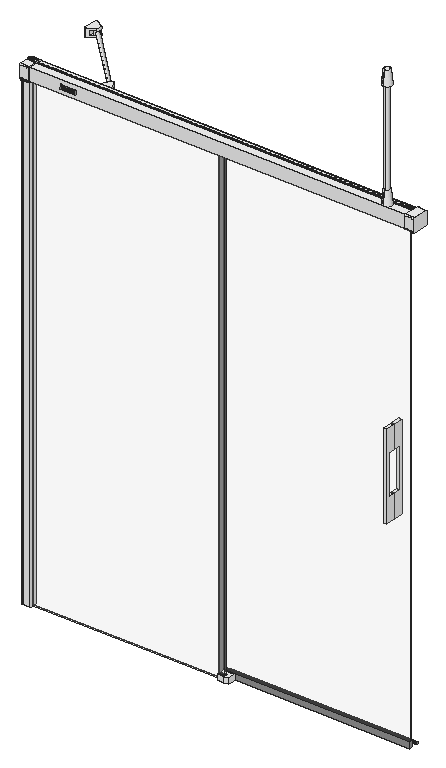
Revit family "Sanitary_Shower-screens_Duscholux_DuschoGredel_DuschoEryx _Separator-slider-door-bath", category Plumbing Fixtures, Revit 2017
Family settings
  Round Connector Dimension = Use Diameter
  Part Type = Normal
  OmniClass Number = 23.45.00.00
  OmniClass Title = Sanitary, Laundry, and Cleaning Equipment
  Work Plane-Based = No
  Always vertical = Yes
  Cut with Voids When Loaded = No
  Shared = No
  Room Calculation Point = No
Parameters (values of type "White Aluminium Finish")
  Visibility Vertical support = if(Min Max Width > 1200 mm, 1 < 2, 1 > 2)  # yes
  Vertical Support Lenght = 400 mm
  Uniclass 2015 Description = "Shower Enclosures"
  Uniclass 2015 Code = "PR-40-20-06-79"
  URL = "http://www.duscholux.es/"
  UNSPSC Code = "30181507"
  Thickness Safety Glass Sliding = 5 mm  # constant formula
  Text logo visibility = yes
  Wall Support lenght = sqrt(D1 ^ 2 + D1 ^ 2)  # 299.955 mm
  Technical Inspection Certificate (Applus) = "http://www.duscholux.es/resources/custom/var/APPLUS_en.pdf"
  Serie = "Duscho Gredel"
  Region South America = "Consult"
  Region Oceania = "Consult"
  Region North America = "Consult"
  Region Middle East = "Consult"
  Region Europe = "AD, ES, FR, PT"
  Region Asia = "Consult"
  Region Antartica = "Consult"
  Region Africa = "Consult"
  Ref. = "6OI / 6OD"
  Products = "http://www.duscholux.es/mamparas_filtro.aspx?es"
  Product group = "Slider door (Separator for Bath)"
  Product family = "Duscho Gredel"
  Optional = "Towel rail / Shelf"
  Opening System Image = "http://blob.duscholux.es/pluma512/SBIzq1f1pcorredera.gif"
  Opening System = "Sliding"
  Opening Percentage = 0
  Net Weight (Kg) = 40.7
  NBS Reference Description = "Shower Enclosures"
  NBS Reference Code = "45-35-70"
  Model = "DuschoEryx"
  Manufacturer name = "Duscholux Ibérica, S.A."
  Manufacturer country = "Spain"
  Maintenance and Cleaning = "http://www.duscholux.es/mamparas_limpieza.aspx?en"
  Logo visibility = yes
  Image = "http://www.duscholux.es/resources/custom/img/mamparas/DUSCHO%20GREDEL/modelos/1F1PSBC/mampara_h.jpg"
  IFC Classification = "Furnishing Element"
  Manufacturer = "Duscholux Ibérica, S.A."
  Handle Material = White Finish
  Glass in Building UNE EN 12150 = "CE Conformity marking"
  Glass Material = Glass Material Duscholux
  Frame Material = White Finish
  Thickness Safety Glass Fixed Panel = 8 mm  # constant formula
  Fact Sheet = "http://blob.duscholux.es/enpdf2018/Eryx1F1PSB.pdf"
  Environmental Management ISO 14001 = "ECOEMBES Certificate"
  Edition number = "1"
  Design country = "Spain / Germany"
  Description = "1 fixed + slider door for a recess (Bath)"
  Date of publishing = ""
  D1 = 212.1 mm
  Configuration enclosure = "http://configuratumampara.duscholux.es/eCatalogo.aspx"
  Components = "European components"
  Brand = "Duscholux"
  Bath Height = 400 mm
  Assembly Code = "C1030200"
  Certified Quality UNE EN 14428 = "http://www.duscholux.es/duscholux_downloads.aspx?es"
  COBIe Type Category = ""
  Opening Door = ((Min Max Width / 2) - 150 mm) * Opening Percentage / 100  # 0 mm
  Sliding Door Width = (Min Max Width / 2) - 42 mm + 14 mm  # 622 mm
  Min Max Width = if(Width < 680 mm, 680 mm, if(Width > 1800 mm, 1800 mm, Width))  # 1300 mm
  Width = 1300 mm
  Handle Height = (Max Height / 2) + Bath Height  # 1200 mm
  Max Height = if(Height > 1600 mm, 1600 mm, Height)  # 1600 mm
  Height = 1600 mm
  Accesories Material = White Finish
Types (5, lengths in mm): name | Visibility Vertical support | Vertical Support Lenght | Wall Support lenght | Handle Material | Frame Material | D1 | Bath Height | Sliding Door Width | Min Max Width | Width | Handle Height | Height | Accesories Material
  (no name) | yes | 400 | 299.955 | White Finish | White Finish | 212.1 | 400 | 622 | 1300 | 1300 | 1200 | 1600 | White Finish
  Silver Matt Aluminium Finish | no | 600 | 353.553 | Chrome Finish | Silver Matt Finish | 250 | 450 | 472 | 1000 | 1000 | 1250 | 1800 | Chrome Finish
  Platinum Aluminium Finish | no | 600 | 353.553 | Chrome Finish | Platinium Aluminium Finish | 250 | 400 | 372 | 800 | 800 | 1200 | 1800 | Silver Matt Finish
  White Aluminium Finish | yes | 400 | 299.955 | White Finish | White Finish | 212.1 | 400 | 622 | 1300 | 1300 | 1200 | 1600 | White Finish
  Black Aluminium Finish | no | 600 | 353.553 | Chrome Finish | Black Aluminium Finish | 250 | 400 | 472 | 1000 | 1000 | 1200 | 1800 | Chrome Finish
Reference planes
  plane 1 "Centro (Frontal/Posterior)": y = 0
  plane 2: z = 0
  plane 3 "Centro (Izquierda/Derecha)": x = 0
  plane 4: x = 655.5
  plane 5: y = 23.489
  plane 6: y = 4
  plane 7: y = -4
  plane 8: z = 2000
  plane 9: z = 1959.85
  plane 10: z = 1957.85
  plane 11: x = 1291.5
  plane 12: x = -8.5
  plane 13: x = 18
  plane 14: z = 1200
  plane 15: x = 641.5
  plane 16: x = 1263.5
  plane 17: x = 1289.5
  plane 18: z = 1980
  plane 19: x = 1249.5
  plane 20: z = 400
  plane 21: z = 401.9
  plane 22: z = 403.2
  plane 23: x = 627.5
  plane 24: x = 1189.5
Forms (mm)
  Extrusion 1, solid, material "Glass Material Duscholux" <- "Glass Material"
    sketch origin (500, 0, 0) x (1, 0, 0) y (0, 1, 0)
      loop
        line (-500, 4) -> (-500, -4) -> (155.5, -4) -> (155.5, 4) -> (-500, 4)
    from 401.9 to 1985
  Extrusion 2, solid, material "Glass Material Duscholux" <- "Glass Material"
    sketch origin (-52.901, 0, 0) x (1, 0, 0) y (0, 1, 0)
      loop
        line (680.401, 25.989) -> (680.401, 20.989) -> (1302.401, 20.989) -> (1302.401, 25.989) -> (680.401, 25.989)
    from 403.2 to 1985
  Extrusion 3, solid, material "White Finish" <- "Accesories Material"
    sketch origin (15, 0, 0) x (1, 0, 0) y (0, 1, 0)
      loop
        line (655.5, 30.989) -> (620.5, 30.989) -> (620.5, -8.011) -> (642.5, -8.011) -> (655.5, -4.011) -> (655.5, 30.989)
    from 400 to 418
  Extrusion 4, void
    sketch origin (15, 0, 0) x (1, 0, 0) y (0, 1, 0)
      loop
        line (620.5, 27.32) -> (620.5, 19.755) -> (655.5, 19.755) -> (655.5, 27.32) -> (620.5, 27.32)
    from 401.9 to 418
  Extrusion 5, void
    sketch origin (15, -100, 0) x (1, 0, 0) y (0, 1, 0)
      loop
        line (640.5, 104) -> (620.5, 104) -> (620.5, 96) -> (640.5, 96) -> (640.5, 104)
    from 401.9 to 418
  Extrusion 6, solid, material "White Finish" <- "Frame Material"
    sketch origin (0, 0, 0) x (1, 0, 0) y (0, 1, 0)
      loop
        line (18, 14.7) -> (-8.5, 14.7) -> (-8.5, -10.5) -> (18, -10.5) -> (18, -4.3) -> (7.35, -4.3) -> (7.35, -9) -> (-7, -9) -> (-7, 0) -> (-7, 13.2) -> (7.35, 13.2) -> (7.35, 4.3) -> (18, 4.3) -> (18, 14.7)
    from 400 to 1959.85
  Extrusion 7, solid, material "White Finish" <- "Frame Material"
    sketch origin (0, 0, 0) x (0, 1, 0) y (0, 0, 1)
      loop
        line (-16, 2000) -> (-16, 1959.85) -> (-6.5, 1959.85) -> (-6.5, 1994) -> (0, 1994) -> (6.5, 1994) -> (6.5, 1959.85) -> (18.5, 1959.85) -> (18.5, 1963.85) -> (9.5, 1963.85) -> (9.5, 1995.261) -> (23.519, 1995.261) -> (23.519, 1998.011) -> (31.069, 1998.011) -> (31.069, 1961.861) -> (29.669, 1961.861) -> (29.669, 1959.861) -> (33.069, 1959.861) -> (33.069, 1997.011)
        arc (33.069, 1997.011) -> (32.191, 1999.132) -> (30.069, 2000.011) r 3
        line (30.069, 2000.011) -> (21.519, 2000.011) -> (21.519, 1997.261) -> (12.519, 1997.261) -> (12.519, 2000) -> (-16, 2000)
      loop
        line (-9.5, 1991.05) -> (-13, 1991.05) -> (-13, 1963.85) -> (-9.5, 1963.85) -> (-9.5, 1991.05)
    from -8.5 to 1289.5
  Extrusion 8, solid, material "White Finish" <- "Accesories Material"
    sketch origin (0, 0, 0) x (0, 1, 0) y (0, 0, 1)
      loop
        arc (-15, 2002.011) -> (-17.121, 2001.132) -> (-18, 1999.011) r 3
        line (-18, 1999.011) -> (-18, 1961.188)
        arc (-18, 1961.188) -> (-16.882, 1958.721) -> (-14.289, 1957.935) r 3.281
        line (-14.289, 1957.935) -> (-14.288, 1953.858) -> (-10.5, 1953.858) -> (-10.5, 1959.85) -> (-16, 1959.85) -> (-16, 2000) -> (30.191, 2000)
        arc (30.191, 2000) -> (32.266, 1999.117) -> (33.069, 1997.011) r 2.881
        line (33.069, 1997.011) -> (33.069, 1959.861) -> (14.7, 1959.861) -> (14.7, 1953.858) -> (18.5, 1953.858) -> (18.5, 1957.85) -> (32.069, 1957.85)
        arc (32.069, 1957.85) -> (34.191, 1958.729) -> (35.069, 1960.85) r 3
        line (35.069, 1960.85) -> (35.069, 1997.011)
        arc (35.069, 1997.011) -> (33.605, 2000.546) -> (30.069, 2002.011) r 5
        line (30.069, 2002.011) -> (21.49, 2002.011)
        arc (21.49, 2002.011) -> (20.786, 2004.401) -> (18.52, 2005.435) r 3
        line (18.52, 2005.435) -> (12.519, 2005.435) -> (12.519, 2002.011) -> (-15, 2002.011)
    from -8.5 to 19.5
  Extrusion 9, solid, material "White Finish" <- "Accesories Material"
    sketch origin (0, -100, 0) x (0, 1, 0) y (0, 0, 1)
      loop
        arc (85, 2002.011) -> (82.879, 2001.132) -> (82, 1999.011) r 3
        line (82, 1999.011) -> (82, 1960.85)
        arc (82, 1960.85) -> (82.879, 1958.729) -> (85, 1957.85) r 3
        line (85, 1957.85) -> (132.069, 1957.85)
        arc (132.069, 1957.85) -> (134.191, 1958.729) -> (135.069, 1960.85) r 3
        line (135.069, 1960.85) -> (135.069, 1999.011)
        arc (135.069, 1999.011) -> (134.191, 2001.132) -> (132.069, 2002.011) r 3
        line (132.069, 2002.011) -> (85, 2002.011)
    from 1263.5 to 1291.5
  Extrusion 10, void
    sketch origin (0, -100, 0) x (0, 1, 0) y (0, 0, 1)
      loop
        line (84, 2000) -> (84, 1959.85) -> (133.069, 1959.85) -> (133.069, 2000) -> (84, 2000)
    from 1263.5 to 1289.5
  Extrusion 11, solid, material "Plástico, transparente", detail levels fine
    sketch origin (5.945, 0, 0) x (1, 0, 0) y (0, 1, 0)
      loop
        line (626.555, 26.267) -> (626.555, 27.32) -> (620.255, 27.32) -> (620.255, 19.707) -> (623.455, 19.707) -> (623.455, 5.807) -> (624.555, 5.807) -> (624.555, 20.807) -> (621.555, 20.807) -> (621.555, 26.267) -> (626.555, 26.267)
    from 401.9 to 1985
  Extrusion 12, solid, material "Plástico, transparente"
    sketch origin (0, -17.936, 0) x (0, 1, 0) y (0, 0, 1)
      loop
        line (38.675, 420.1) -> (37.691, 420.1) -> (37.691, 401.9) -> (45.256, 401.9) -> (45.256, 415.613)
        arc (45.256, 415.613) -> (45.694, 416.244) -> (46.401, 416.545) r 1.386
        line (46.401, 416.545) -> (65.925, 407.078) -> (65.925, 402.513)
        arc (65.925, 402.513) -> (66.675, 402.177) -> (67.425, 402.513) r 1.005
        line (67.425, 402.513) -> (67.425, 408.078) -> (44.657, 419.979)
        arc (44.657, 419.979) -> (44.104, 419.92) -> (43.948, 419.386) r 0.5
        line (43.948, 419.386) -> (44.175, 418.099) -> (44.175, 403.2) -> (38.675, 403.2) -> (38.675, 420.1)
    from 632.5 to 1249.5
  Extrusion 13, void
    sketch origin (0, 0, 0) x (0, 1, 0) y (0, 0, 1)
      loop
        line (30.989, 418) -> (27.32, 418) -> (27.32, 417.11) -> (30.989, 415.321) -> (30.989, 418)
    from 635.5 to 670.5
Cuts and joins
  Extrusion 4, Extrusion 5, Extrusion 13 cuts Extrusion 3
  Extrusion 5 cuts Extrusion 1
Lines and regions (mm)
  reference lines
    curve 1: line (0, 14.7, 1953.858) -> (0, 18.5, 1953.858)
    curve 2: line (0, 14.7, 1953.858) -> (0, 18.5, 1953.858)
Dimensions and locks
  equal spacing: plane 6, plane 1 "Centro (Frontal/Posterior)", plane 7
  "Thickness Safety Glass Fixed Panel": plane 6 to plane 7
  locked: plane 8 to cut or joined group of Extrusion 1, Extrusion 5 at 15  (x2)
  locked: plane 8 to plane 9 at 40.15
  locked: Extrusion 8 to Extrusion 8 at 28
  plane 10 to plane 9 = 2 mm
  locked: plane 9 to plane 10 at 2
  locked: plane 12 to plane 3 "Centro (Izquierda/Derecha)" at 8.5
  "Handle Height": plane 14 to level
  equal spacing: plane 12, plane 15, plane 11
  locked: cut or joined group of Extrusion 3, Extrusion 4, Extrusion 5, Extrusion 13 to plane 4 at 20
  plane 15 to plane 4 = 14 mm
  locked: plane 15 to plane 4 at 14
  locked: plane 16 to plane 11 at 28
  locked: plane 17 to plane 11 at 2
  locked: plane 18 to plane 8 at 20
  locked: Extrusion 11 to Extrusion 11 at 6.3
  locked: Extrusion 11 to Extrusion 11 at 1.3
  locked: plane 15 to cut or joined group of Extrusion 3, Extrusion 4, Extrusion 5, Extrusion 13 at 29
  locked: cut or joined group of Extrusion 3, Extrusion 4, Extrusion 5, Extrusion 13 to plane 15 at 6
  locked: plane 19 to plane 17 at 40
  locked: plane 12 to nested 2 at 157
  "Bath Height": plane 20 to plane 2
  locked: plane 21 to plane 20 at 1.9
  locked: plane 22 to plane 20 at 3.2
  locked: cut or joined group of Extrusion 3, Extrusion 4, Extrusion 5, Extrusion 13 to plane 20 at 18
  "Max Height": plane 8 to plane 20
  "Min Max Width": plane 12 to plane 11
  "Sliding Door Width": Extrusion 2 to Extrusion 2
  locked: plane 23 to plane 15 at 14
  "Opening Door": Extrusion 2 to plane 19
  locked: plane 24 to plane 19 at 60
  aligned and locked: level to plane 2
  aligned and locked: plane 4 to Extrusion 1
  aligned and locked: Extrusion 4 sketch curve to Extrusion 3
  aligned and locked: cut or joined group of Extrusion 3, Extrusion 4, Extrusion 5, Extrusion 13 to Extrusion 5 sketch curve
  aligned and locked: cut or joined group of Extrusion 3, Extrusion 4, Extrusion 5, Extrusion 13 to Extrusion 4  (x2)
  aligned and locked: plane 6 to cut or joined group of Extrusion 1, Extrusion 5
  aligned and locked: plane 7 to cut or joined group of Extrusion 1, Extrusion 5
  aligned and locked: cut or joined group of Extrusion 3, Extrusion 4, Extrusion 5, Extrusion 13 to cut or joined group of Extrusion 1, Extrusion 5
  aligned and locked: cut or joined group of Extrusion 1, Extrusion 5 to cut or joined group of Extrusion 3, Extrusion 4, Extrusion 5, Extrusion 13  (x2)
  aligned and locked: Extrusion 7 sketch curve to plane 8
  aligned and locked: Extrusion 7 sketch curve to Extrusion 7 sketch curve
  aligned and locked: Extrusion 7 to Extrusion 6
  aligned and locked: Extrusion 7 to plane 9
  aligned and locked: plane 9 to Extrusion 6
  aligned and locked: Extrusion 8 to Extrusion 7
  aligned and locked: Extrusion 6 to plane 12
  aligned and locked: cut or joined group of Extrusion 1, Extrusion 5 to plane 3 "Centro (Izquierda/Derecha)"
  aligned and locked: plane 17 to Extrusion 7
  aligned and locked: Extrusion 9 to plane 16
  aligned and locked: plane 11 to Extrusion 9
  aligned and locked: Extrusion 10 sketch curve to plane 8
  aligned and locked: plane 9 to Extrusion 10 sketch curve
  aligned and locked: plane 17 to Extrusion 10
  aligned and locked: Extrusion 10 to plane 16
  aligned and locked: cut or joined group of Extrusion 1, Extrusion 5 to Extrusion 11
  aligned and locked: nested 1 to plane 18
  aligned and locked: nested 1 to plane 12
  aligned and locked: nested 2 to plane 18
  aligned and locked: nested 3 to plane 1 "Centro (Frontal/Posterior)"
  aligned and locked: Extrusion 6 to plane 20
  aligned and locked: cut or joined group of Extrusion 1, Extrusion 5 to plane 21
  aligned and locked: cut or joined group of Extrusion 3, Extrusion 4, Extrusion 5, Extrusion 13 to plane 20
  aligned and locked: Extrusion 2 to plane 22
  aligned and locked: Extrusion 2 to Extrusion 12
  aligned and locked: Extrusion 11 to Extrusion 12
  aligned and locked: Extrusion 12 to Extrusion 11
  aligned and locked: Extrusion 13 to cut or joined group of Extrusion 3, Extrusion 4, Extrusion 5, Extrusion 13
  aligned and locked: cut or joined group of Extrusion 3, Extrusion 4, Extrusion 5, Extrusion 13 to Extrusion 13
  aligned and locked: Extrusion 2 to cut or joined group of Extrusion 1, Extrusion 5
  aligned and locked: Extrusion 12 to Extrusion 2
  aligned and locked: Extrusion 12 to cut or joined group of Extrusion 3, Extrusion 4, Extrusion 5, Extrusion 13
  aligned and locked: cut or joined group of Extrusion 3, Extrusion 4, Extrusion 5, Extrusion 13 to Extrusion 5
  aligned and locked: Extrusion 11 to Extrusion 2
  aligned and locked: nested 4 to plane 24
  aligned and locked: plane 14 to nested 4
  aligned and locked: plane 14 to nested 5
  aligned and locked: plane 24 to nested 5
  aligned and locked: plane 24 to nested 3
Automatic sketch dimensions
  plane 10 to curve 2 = 3.992 mm
  plane 5 to curve 2 = 8.789 mm
  curve 1 to curve 2 = 3.8 mm
  Extrusion 1 sketch curve to plane 3 "Centro (Izquierda/Derecha)" = 0 mm
  Extrusion 1 sketch curve to plane 4 = 0 mm
  plane 7 to Extrusion 1 sketch curve = 0 mm
  Extrusion 1 sketch curve to plane 6 = 0 mm
  Extrusion 2 sketch curve to plane 16 = 14 mm
  plane 5 to Extrusion 2 sketch curve = 2.5 mm
  Extrusion 2 sketch curve to plane 5 = 2.5 mm
  Extrusion 3 sketch curve to plane 15 = 6 mm
  plane 4 to Extrusion 3 sketch curve = 2 mm
  plane 7 to Extrusion 3 sketch curve = 0.011 mm
  Extrusion 3 sketch curve to Extrusion 3 sketch curve = 13 mm
  plane 7 to Extrusion 3 sketch curve = 4.011 mm
  Extrusion 3 sketch curve to plane 5 = 7.5 mm
  plane 5 to Extrusion 4 sketch curve = 3.734 mm
  plane 4 to Extrusion 4 sketch curve = 15 mm
  Extrusion 4 sketch curve to plane 5 = 3.831 mm
  Extrusion 5 sketch curve to plane 4 = 0 mm
  plane 7 to Extrusion 5 sketch curve = 0 mm
  Extrusion 5 sketch curve to plane 6 = 0 mm
  Extrusion 6 sketch curve to plane 12 = 0 mm
  plane 1 "Centro (Frontal/Posterior)" to Extrusion 6 sketch curve = 0 mm
  Extrusion 6 sketch curve to plane 13 = 0 mm  (x2)
  plane 12 to Extrusion 6 sketch curve = 1.5 mm
  plane 3 "Centro (Izquierda/Derecha)" to Extrusion 6 sketch curve = 7.35 mm  (x2)
  plane 6 to Extrusion 6 sketch curve = 0.3 mm
  plane 7 to Extrusion 6 sketch curve = 0.3 mm
  plane 7 to Extrusion 6 sketch curve = 5 mm
  Extrusion 6 sketch curve to Extrusion 6 sketch curve = 1.5 mm
  plane 6 to Extrusion 6 sketch curve = 9.2 mm
  plane 5 to Extrusion 6 sketch curve = 8.789 mm
  Extrusion 7 sketch curve to plane 9 = 0 mm  (x2)
  Extrusion 7 sketch curve to plane 1 "Centro (Frontal/Posterior)" = 0 mm
  plane 7 to Extrusion 7 sketch curve = 2.5 mm
  Extrusion 7 sketch curve to Extrusion 7 sketch curve = 3 mm  (x3)
  Extrusion 7 sketch curve to Extrusion 7 sketch curve = 3.5 mm
  plane 6 to Extrusion 7 sketch curve = 2.5 mm
  Extrusion 7 sketch curve to Extrusion 7 sketch curve = 3.019 mm
  plane 5 to Extrusion 7 sketch curve = 4.989 mm
  plane 8 to Extrusion 7 sketch curve = 0.011 mm
  plane 5 to Extrusion 7 sketch curve = 1.969 mm
  Extrusion 7 sketch curve to plane 5 = 0.031 mm
  plane 9 to Extrusion 7 sketch curve = 0.011 mm
  Extrusion 7 sketch curve to plane 5 = 6.181 mm
  Extrusion 7 sketch curve to plane 5 = 6.581 mm
  Extrusion 7 sketch curve to Extrusion 7 sketch curve = 1 mm  (x2)
  Extrusion 7 sketch curve to Extrusion 7 sketch curve = 2 mm
  plane 9 to Extrusion 7 sketch curve = 2.011 mm
  plane 9 to Extrusion 7 sketch curve = 4 mm
  Extrusion 7 sketch curve to plane 8 = 8.95 mm
  Extrusion 7 sketch curve to Extrusion 7 sketch curve = 2.95 mm
  Extrusion 7 sketch curve to plane 8 = 4.739 mm
  Extrusion 7 sketch curve to plane 8 = 2.739 mm
  Extrusion 8 sketch curve to plane 9 = 0 mm
  Extrusion 8 sketch curve to plane 8 = 0 mm
  plane 10 to Extrusion 8 sketch curve = 0 mm
  plane 9 to Extrusion 8 sketch curve = 1.338 mm
  plane 7 to Extrusion 8 sketch curve = 14 mm
  Extrusion 8 sketch curve to Extrusion 8 sketch curve = 2 mm
  Extrusion 8 sketch curve to Extrusion 8 sketch curve = 1 mm  (x2)
  Extrusion 8 sketch curve to Extrusion 8 sketch curve = 1.281 mm
  Extrusion 8 sketch curve to plane 10 = 0.085 mm
  plane 10 to Extrusion 8 sketch curve = 3.992 mm  (x2)
  Extrusion 8 sketch curve to Extrusion 8 sketch curve = 0.001 mm
  Extrusion 8 sketch curve to Extrusion 8 sketch curve = 3.789 mm
  plane 8 to Extrusion 8 sketch curve = 2.011 mm  (x2)
  plane 6 to Extrusion 8 sketch curve = 8.519 mm
  plane 5 to Extrusion 8 sketch curve = 8.789 mm
  Extrusion 8 sketch curve to Extrusion 8 sketch curve = 3.8 mm
  plane 8 to Extrusion 8 sketch curve = 2.435 mm
  plane 5 to Extrusion 8 sketch curve = 4.969 mm
  plane 5 to Extrusion 8 sketch curve = 1.999 mm
  Extrusion 8 sketch curve to plane 5 = 6.581 mm
  Extrusion 8 sketch curve to Extrusion 8 sketch curve = 0.121 mm
  Extrusion 8 sketch curve to plane 5 = 8.581 mm
  plane 9 to Extrusion 8 sketch curve = 0.011 mm
  plane 9 to Extrusion 8 sketch curve = 1 mm
  Extrusion 8 sketch curve to Extrusion 8 sketch curve = 0 mm
  plane 10 to Extrusion 9 sketch curve = 0 mm
  plane 9 to Extrusion 9 sketch curve = 1 mm  (x2)
  plane 7 to Extrusion 9 sketch curve = 14 mm
  Extrusion 9 sketch curve to plane 8 = 0.989 mm
  Extrusion 9 sketch curve to Extrusion 9 sketch curve = 3 mm
  Extrusion 9 sketch curve to plane 5 = 8.581 mm  (x2)
  plane 7 to Extrusion 10 sketch curve = 12 mm
  Extrusion 10 sketch curve to plane 5 = 9.581 mm
  Extrusion 11 sketch curve to Extrusion 11 sketch curve = 1.1 mm  (x2)
  plane 5 to Extrusion 11 sketch curve = 17.681 mm
  plane 5 to Extrusion 11 sketch curve = 3.781 mm
  Extrusion 11 sketch curve to Extrusion 11 sketch curve = 5.46 mm
  Extrusion 11 sketch curve to Extrusion 11 sketch curve = 1.053 mm
  Extrusion 11 sketch curve to Extrusion 11 sketch curve = 1.9 mm
  Extrusion 11 sketch curve to Extrusion 11 sketch curve = 1.3 mm
  Extrusion 2 sketch curve to plane 15 = 14 mm
  Extrusion 11 sketch curve to plane 15 = 15.3 mm
  Extrusion 11 sketch curve to Extrusion 11 sketch curve = 5 mm
  Extrusion 12 sketch curve to plane 21 = 0 mm
  plane 22 to Extrusion 12 sketch curve = 0 mm
  plane 5 to Extrusion 12 sketch curve = 3.734 mm
  Extrusion 12 sketch curve to Extrusion 12 sketch curve = 0.984 mm
  Extrusion 12 sketch curve to Extrusion 12 sketch curve = 5.5 mm
  Extrusion 12 sketch curve to Extrusion 12 sketch curve = 0.25 mm
  Extrusion 12 sketch curve to Extrusion 12 sketch curve = 0.232 mm
  Extrusion 12 sketch curve to Extrusion 12 sketch curve = 1.081 mm
  Extrusion 12 sketch curve to Extrusion 12 sketch curve = 1.144 mm
  Extrusion 12 sketch curve to Extrusion 12 sketch curve = 0.169 mm
  plane 21 to Extrusion 12 sketch curve = 0.613 mm  (x2)
  Extrusion 12 sketch curve to Extrusion 12 sketch curve = 20.669 mm
  Extrusion 12 sketch curve to plane 22 = 0.019 mm
  Extrusion 12 sketch curve to Extrusion 12 sketch curve = 0.75 mm
  plane 22 to Extrusion 12 sketch curve = 3.878 mm
  plane 22 to Extrusion 12 sketch curve = 11.969 mm
  Extrusion 12 sketch curve to Extrusion 12 sketch curve = 0.444 mm
  Extrusion 12 sketch curve to Extrusion 12 sketch curve = 2.991 mm
  Extrusion 12 sketch curve to Extrusion 12 sketch curve = 0.443 mm
  Extrusion 12 sketch curve to Extrusion 12 sketch curve = 0.564 mm
  Extrusion 12 sketch curve to Extrusion 12 sketch curve = 0.477 mm
  plane 22 to Extrusion 12 sketch curve = 4.878 mm
  Extrusion 12 sketch curve to Extrusion 12 sketch curve = 1.287 mm
  Extrusion 13 sketch curve to plane 5 = 7.5 mm
  plane 22 to Extrusion 13 sketch curve = 12.121 mm
  Extrusion 13 sketch curve to Extrusion 13 sketch curve = 2.679 mm
  Extrusion 13 sketch curve to Extrusion 13 sketch curve = 3.669 mm
  Extrusion 13 sketch curve to Extrusion 13 sketch curve = 0.89 mm
Nested families
  nested 1: "Wall-Support" at (228.6, 33.069, 1980) x (-1, 0, 0) z (0, 1, 0), type "Wall-Support"
    with Longitud 299.955 mm, D1 212.1 mm
  nested 2: "LOGO" at (148.5, -16, 1980) x (1, 0, 0) z (0, -1, 0), type "LOGO"
  nested 3: "Vertical-Support" at (1189.5, 0, 2000) x (0, 1, 0) z (0, 0, 1), type "Vertical-Support"
    with Long 400 mm
  nested 4: "Handle-Gredel" at (1189.5, 20.989, 1200) x (-1, 0, 0) z (0, -1, 0), type "Handle-Gredel"
  nested 5: "Handle-Gredel" at (1189.5, 25.989, 1200) x (1, 0, 0) z (0, 1, 0), type "Handle-Gredel"
Definition of nested family "Wall-Support"
  Parameters (values of type "soporte 3300-3301-3303")
    Material Accesorios = none
    Longitud = sqrt(D1 ^ 2 + D1 ^ 2)  # 354.968 mm
    Default Elevation = 1219.2 mm
    D1 = 251 mm
    Angulo soporte = 45.00°
  Reference planes
    plane 1 "Centro (Frontal/Posterior)": y = 0
    plane 2: z = 0
    plane 3 "Centro (Izquierda/Derecha)": x = 0
    plane 4: x = -780
    plane 5: through (279.307, -4572, 304.307) normal (0.7071, 0, -0.7071)
    plane 6: z = 276
    plane 7: through (3.536, -4572, 21.464) normal (-0.7071, 0, -0.7071)
    plane 8: x = 208.013
    plane 9: through (254.536, -4572, 272.464) normal (0.7071, 0, 0.7071)
    plane 10: x = 251
    plane 11: z = 25
    plane 12: x = 276
  Forms (mm)
    Extrusion 1, solid
      sketch origin (0, 0, 0) x (1, 0, 0) y (0, 1, 0)
        loop
          line (-1219.2, 1219.2) -> (-1219.2, -1219.2) -> (1219.2, -1219.2) -> (1219.2, 1219.2) -> (-1219.2, 1219.2)
      from 0 to -304.8
    Extrusion 2, solid, material <- "Material Accesorios"
      sketch origin (0, 0, -47.012) x (1, 0, 0) y (0, 0, 1)
        loop
          line (-8.828, 76.709) -> (-22.5, 51.012) -> (-22.5, 47.012) -> (22.5, 47.012) -> (22.5, 51.012) -> (8.828, 76.709)
          arc (8.828, 76.709) -> (0, 82.012) -> (-8.828, 76.709) r 10
      from -14 to 14
    Extrusion 3, void
      sketch origin (0, 0, 0) x (1, 0, 0) y (0, 0, 1)
        loop
          line (-17.712, 13) -> (17.712, 13) -> (8.828, 29.697)
          arc (8.828, 29.697) -> (0, 35) -> (-8.828, 29.697) r 10
          line (-8.828, 29.697) -> (-17.712, 13)
      from -8 to 8
    Extrusion 4, solid, material <- "Material Accesorios"
      sketch origin (0, 0, 0) x (1, 0, 0) y (0, 0, 1)
        loop
          circle (0, 25) r 9.033
      from -8 to 8
    Extrusion 5, solid, material <- "Material Accesorios"
      sketch origin (-51.548, 0, 76.548) x (0.707107, 0, -0.707107) y (0, 1, 0)
        loop
          circle (72.899, 0) r 5
      from 0 to 354.968
    Extrusion 6, solid, not visible
      sketch origin (857.012, 0, 804.987) x (0, 0, 1) y (-1, 0, 0)
        loop
          line (-8.828, 76.709) -> (-22.5, 51.012) -> (-22.5, 47.012) -> (22.5, 47.012) -> (22.5, 51.012) -> (8.828, 76.709)
          arc (8.828, 76.709) -> (0, 82.012) -> (-8.828, 76.709) r 10
      from -14 to 14
    Extrusion 7, void, not visible
      sketch origin (810, 0, 804.987) x (0, 0, 1) y (-1, 0, 0)
        loop
          line (-17.712, 13) -> (17.712, 13) -> (8.828, 29.697)
          arc (8.828, 29.697) -> (0, 35) -> (-8.828, 29.697) r 10
          line (-8.828, 29.697) -> (-17.712, 13)
      from -8 to 8
    Extrusion 8, solid, not visible
      sketch origin (5, 0, 0) x (1, 0, 0) y (0, 0, 1)
        loop
          circle (780, 804.987) r 9.039
      from -8 to 8
    Extrusion 9, solid, material <- "Material Accesorios", not visible
      sketch origin (-215, 0, -47.012) x (1, 0, 0) y (0, 0, 1)
        loop
          line (-8.828, 76.709) -> (-22.5, 51.012) -> (-22.5, 47.012) -> (22.5, 47.012) -> (22.5, 51.012) -> (8.828, 76.709)
          arc (8.828, 76.709) -> (0, 82.012) -> (-8.828, 76.709) r 10
      from -14 to 14
    Extrusion 10, void, not visible
      sketch origin (-215, 0, 0) x (1, 0, 0) y (0, 0, 1)
        loop
          line (-17.712, 13) -> (17.712, 13) -> (8.828, 29.697)
          arc (8.828, 29.697) -> (0, 35) -> (-8.828, 29.697) r 10
          line (-8.828, 29.697) -> (-17.712, 13)
      from -8 to 8
    Extrusion 11, solid, material <- "Material Accesorios", not visible
      sketch origin (-215, 0, 0) x (1, 0, 0) y (0, 0, 1)
        loop
          circle (0, 25) r 9.033
      from -8 to 8
    Extrusion 12, solid, material <- "Material Accesorios"
      sketch origin (282.012, 0, 235) x (0, 0, -1) y (1, 0, 0)
        loop
          arc (-49.828, -35.709) -> (-41, -41.012) -> (-32.172, -35.709) r 10
          line (-32.172, -35.709) -> (-18.5, -10.012) -> (-18.5, -6.012) -> (-63.5, -6.012) -> (-63.5, -10.012) -> (-49.828, -35.709)
      from -14 to 14
    Extrusion 13, void
      sketch origin (235, 0, 235) x (0, 0, -1) y (1, 0, 0)
        loop
          line (-58.712, 28) -> (-49.828, 11.303)
          arc (-49.828, 11.303) -> (-41, 6) -> (-32.172, 11.303) r 10
          line (-32.172, 11.303) -> (-23.288, 28) -> (-58.712, 28)
      from -8 to 8
    Extrusion 14, solid, material <- "Material Accesorios"
      sketch origin (0, 0, 0) x (1, 0, 0) y (0, 0, 1)
        loop
          circle (251, 276) r 9.035
      from -8 to 8
  Cuts and joins
    Extrusion 3 cuts Extrusion 2
    joined: Extrusion 2, Extrusion 4
    Extrusion 13 cuts Extrusion 12
    joined: Extrusion 5, Extrusion 14
  Dimensions and locks
    plane 4 to plane 3 "Centro (Izquierda/Derecha)" = 780 mm
    "Longitud": plane 7 to plane 9
    "D1": plane 10 to plane 3 "Centro (Izquierda/Derecha)"
    "D1": plane 6 to plane 11
    locked: plane 11 to Extrusion 1 at 25
    locked: plane 12 to plane 10 at 25
    locked: cut or joined group of Extrusion 12, Extrusion 13 to plane 10 at 12
    aligned and locked: plane 2 to Extrusion 1
    aligned and locked: level to Extrusion 1
    aligned and locked: cut or joined group of Extrusion 2, Extrusion 3, Extrusion 4 to Extrusion 1  (x2)
    aligned and locked: plane 9 to Extrusion 5
    aligned and locked: plane 12 to cut or joined group of Extrusion 12, Extrusion 13
    aligned and locked: cut or joined group of Extrusion 12, Extrusion 13 to Extrusion 14  (x2)
  Automatic sketch dimensions
    Extrusion 2 sketch curve to Extrusion 2 sketch curve = 4 mm  (x2)
    Extrusion 2 sketch curve to Extrusion 2 sketch curve = 13.672 mm  (x2)
    Extrusion 2 sketch curve to Extrusion 2 sketch curve = 8.828 mm  (x2)
    Extrusion 2 sketch curve to Extrusion 2 sketch curve = 21 mm
    Extrusion 2 sketch curve to Extrusion 2 sketch curve = 4.697 mm
    Extrusion 3 sketch curve to Extrusion 3 sketch curve = 8.883 mm  (x2)
    Extrusion 3 sketch curve to Extrusion 3 sketch curve = 8.828 mm  (x2)
    Extrusion 3 sketch curve to Extrusion 3 sketch curve = 12 mm
    Extrusion 3 sketch curve to Extrusion 3 sketch curve = 4.697 mm
    Extrusion 9 sketch curve to Extrusion 9 sketch curve = 4 mm  (x2)
    Extrusion 9 sketch curve to Extrusion 9 sketch curve = 13.672 mm  (x2)
    Extrusion 9 sketch curve to Extrusion 9 sketch curve = 8.828 mm  (x2)
    Extrusion 9 sketch curve to Extrusion 9 sketch curve = 21 mm
    Extrusion 9 sketch curve to Extrusion 9 sketch curve = 4.697 mm
    Extrusion 10 sketch curve to Extrusion 10 sketch curve = 8.883 mm  (x2)
    Extrusion 10 sketch curve to Extrusion 10 sketch curve = 8.828 mm  (x2)
    Extrusion 10 sketch curve to Extrusion 10 sketch curve = 12 mm
    Extrusion 10 sketch curve to Extrusion 10 sketch curve = 4.697 mm
    Extrusion 1 sketch curve to Extrusion 1 sketch curve = 2438.4 mm  (x2)
    plane 1 "Centro (Frontal/Posterior)" to Extrusion 5 sketch curve = 0 mm
    Extrusion 5 sketch curve to plane 5 = 0 mm
    plane 6 to Extrusion 12 sketch curve = 22.5 mm
    Extrusion 12 sketch curve to Extrusion 12 sketch curve = 13.672 mm  (x2)
    Extrusion 12 sketch curve to Extrusion 12 sketch curve = 8.828 mm  (x2)
    Extrusion 12 sketch curve to Extrusion 12 sketch curve = 4 mm  (x2)
    Extrusion 12 sketch curve to Extrusion 12 sketch curve = 21 mm
    Extrusion 12 sketch curve to Extrusion 12 sketch curve = 4.697 mm
    plane 6 to Extrusion 13 sketch curve = 17.712 mm
    Extrusion 13 sketch curve to Extrusion 13 sketch curve = 8.883 mm  (x2)
    Extrusion 13 sketch curve to Extrusion 13 sketch curve = 8.828 mm  (x2)
    Extrusion 13 sketch curve to Extrusion 13 sketch curve = 12 mm
    Extrusion 13 sketch curve to Extrusion 13 sketch curve = 4.697 mm
    Extrusion 12 sketch curve to plane 10 = 25 mm
    Extrusion 13 sketch curve to plane 10 = 12 mm
    Extrusion 14 sketch curve to plane 5 = 0 mm
    Extrusion 14 sketch curve to plane 6 = 0 mm
    radius of Extrusion 4 sketch curve = 9.033 mm
    radius of Extrusion 11 sketch curve = 9.033 mm
    radius of Extrusion 5 sketch curve = 5 mm
    radius of Extrusion 14 sketch curve = 9.035 mm
Definition of nested family "LOGO"
  Parameters (values of type "LOGO")
    logo visibility = yes
    Text visibility = yes
    Default Elevation = 1219.2 mm
  Reference planes
    plane 1 "Center (Front/Back)": y = 0
    plane 2: z = 0
    plane 3 "Center (Left/Right)": x = 0
  Forms (mm)
    Extrusion 1, solid
      sketch origin (0, 0, 0) x (1, 0, 0) y (0, 1, 0)
        loop
          line (-1219.2, 1219.2) -> (-1219.2, -1219.2) -> (1219.2, -1219.2) -> (1219.2, 1219.2) -> (-1219.2, 1219.2)
      from 0 to -304.8
    Blend 2, solid, visible <- "logo visibility"
      base sketch origin (-30.49, -3.692, 0) x (1, 0, 0) y (0, 1, 0)
        loop
          line (6.49, 11.264) -> (3.006, -3.88) -> (54.49, -3.88) -> (54.49, 11.264) -> (6.49, 11.264)
      top sketch origin (-30.49, -3.692, 0) x (1, 0, 0) y (0, 1, 0)
        loop
          line (7.286, 10.264) -> (4.263, -2.88) -> (53.49, -2.88) -> (53.49, 10.264) -> (7.286, 10.264)
      from 0 to 2
    Extrusion 3, solid, visible <- "Text visibility"
      sketch origin (-30.49, -3.692, 0) x (1, 0, 0) y (0, 1, 0)
        loop
          line (15.152, 7.116) -> (10.723, 7.116) -> (10.476, 6.041) -> (14.179, 6.041) -> (12.696, -0.409) -> (11.829, -0.409) -> (13.101, 5.12) -> (11.604, 5.12) -> (10.085, -1.484) -> (13.23, -1.484) -> (14.106, -0.786) -> (15.75, 6.364) -> (15.152, 7.116)
        loop
          line (16.173, 5.12) -> (14.828, -0.732) -> (15.426, -1.484) -> (17.802, -1.484) -> (18.675, -0.788) -> (20.034, 5.12) -> (18.537, 5.12) -> (17.33, -0.127) -> (16.464, -0.127) -> (17.67, 5.12) -> (16.173, 5.12)
        loop
          line (19.998, 1.879) -> (20.596, 1.127) -> (22.11, 1.127) -> (21.756, -0.409) -> (19.472, -0.409) -> (19.224, -1.484) -> (22.354, -1.484) -> (23.152, -0.849) -> (23.716, 1.603) -> (23.118, 2.355) -> (21.604, 2.355) -> (21.993, 4.045) -> (24.278, 4.045) -> (24.525, 5.12) -> (21.395, 5.12) -> (20.597, 4.484) -> (19.998, 1.879)
        loop
          line (25.886, 5.12) -> (25.088, 4.484) -> (23.888, -0.732) -> (24.487, -1.484) -> (26.958, -1.484) -> (27.714, -0.881) -> (28.07, 0.666) -> (26.573, 0.666) -> (26.367, -0.23) -> (25.501, -0.23) -> (26.443, 3.866) -> (27.309, 3.866) -> (27.103, 2.97) -> (28.6, 2.97) -> (28.922, 4.368) -> (28.323, 5.12) -> (25.886, 5.12)
        loop
          line (29.804, 5.12) -> (28.285, -1.484) -> (29.782, -1.484) -> (30.382, 1.127) -> (31.249, 1.127) -> (30.649, -1.484) -> (32.146, -1.484) -> (33.664, 5.12) -> (32.167, 5.12) -> (31.496, 2.202) -> (30.63, 2.202) -> (31.301, 5.12) -> (29.804, 5.12)
        loop
          arc (35.087, 5.12) -> (34.592, 5.023) -> (34.261, 4.643) r 0.775
          line (34.261, 4.643) -> (33.025, -0.732)
          arc (33.025, -0.732) -> (33.245, -1.264) -> (33.777, -1.484) r 0.752
          line (33.777, -1.484) -> (35.898, -1.484)
          arc (35.898, -1.484) -> (36.432, -1.374) -> (36.742, -0.927) r 0.733
          line (36.742, -0.927) -> (37.96, 4.368)
          arc (37.96, 4.368) -> (37.842, 4.888) -> (37.362, 5.12) r 0.614
          line (37.362, 5.12) -> (35.087, 5.12)
        loop
          line (35.521, -0.23) -> (36.463, 3.866) -> (35.464, 3.866) -> (34.522, -0.23) -> (35.521, -0.23)
        loop
          line (39.299, 7.116) -> (37.321, -1.484) -> (50.066, -1.484) -> (49.529, -0.409) -> (38.95, -0.409) -> (40.681, 7.116) -> (39.299, 7.116)
        loop
          line (47.907, 2.834) -> (50.065, 5.12) -> (48.606, 5.12) -> (47.402, 3.844) -> (46.764, 5.12) -> (45.305, 5.12) -> (46.448, 2.834) -> (44.039, 0.282) -> (45.497, 0.282) -> (46.953, 1.824) -> (47.724, 0.282) -> (49.183, 0.282) -> (47.907, 2.834)
        loop
          line (43.232, 5.12) -> (42.354, 1.305) -> (41.51, 1.305) -> (42.387, 5.12) -> (40.928, 5.12) -> (39.988, 1.034) -> (40.587, 0.282) -> (42.855, 0.282) -> (43.74, 0.987) -> (44.69, 5.12) -> (43.232, 5.12)
        loop
          circle (48.393, 7.593) r 1.398
        loop
          circle (48.393, 7.593) r 1.101
      from 1.293 to 2.2
  Dimensions and locks
    aligned and locked: plane 2 to Extrusion 1
    aligned and locked: level to Extrusion 1
Definition of nested family "Vertical-Support"
  Parameters (values of type "8047")
    Visibility = yes
    Long = 600 mm
    Default Elevation = 1219.2 mm
    Accesories Material = none
  Reference planes
    plane 1 "Centro (Frontal/Posterior)": y = 0
    plane 2: z = 0
    plane 3 "Centro (Izquierda/Derecha)": x = 0
    plane 4: z = 0
    plane 5: z = 600
  Forms (mm)
    Extrusion 1, solid
      sketch origin (0, 0, 0) x (1, 0, 0) y (0, 1, 0)
        loop
          line (-1219.2, 1219.2) -> (-1219.2, -1219.2) -> (1219.2, -1219.2) -> (1219.2, 1219.2) -> (-1219.2, 1219.2)
      from 0 to -304.8
    Blend 2, solid, material <- "Accesories Material", visible <- "Visibility"
      base sketch origin (0, 0, 0) x (1, 0, 0) y (0, 1, 0)
        loop
          circle (0, 0) r 13.976
      top sketch origin (0, 0, 0) x (1, 0, 0) y (0, 1, 0)
        loop
          circle (0, 0) r 10
      from 0 to 45
    Blend 3, void
      base sketch origin (0, 0, 0) x (1, 0, 0) y (0, 1, 0)
        loop
          circle (0, 0) r 13.2
      top sketch origin (0, 0, 0) x (1, 0, 0) y (0, 1, 0)
        loop
          circle (0, 0) r 9.183
      from 0 to 43.7
    Extrusion 4, solid, material <- "Accesories Material", visible <- "Visibility"
      sketch origin (0, 0, 0) x (1, 0, 0) y (0, 1, 0)
        loop
          circle (0, 0) r 7.512
      from 45 to 555
    Blend 5, solid, material <- "Accesories Material", visible <- "Visibility"
      base sketch origin (0, 0, 680.924) x (0, -1, 0) y (1, 0, 0)
        loop
          circle (0, 0) r 13.976
      top sketch origin (0, 0, 680.924) x (0, -1, 0) y (1, 0, 0)
        loop
          circle (0, 0) r 10
      from -125.924 to -80.924
    Blend 6, void
      base sketch origin (0, 0, 680.924) x (0, -1, 0) y (1, 0, 0)
        loop
          circle (0, 0) r 13.2
      top sketch origin (0, 0, 680.924) x (0, -1, 0) y (1, 0, 0)
        loop
          circle (0, 0) r 9.183
      from -125.924 to -82.224
  Cuts and joins
    Blend 3, Blend 6 cuts Blend 2
    Blend 6 cuts Blend 5
    joined: Blend 2, Extrusion 4, Blend 5
  Dimensions and locks
    locked: cut or joined group of Blend 2, Blend 3, Extrusion 4, Blend 5, Blend 6 to cut or joined group of Blend 2, Blend 3, Extrusion 4, Blend 5, Blend 6 at 45
    "Long": plane 5 to plane 4
    locked: cut or joined group of Blend 2, Blend 3, Extrusion 4, Blend 5, Blend 6 to cut or joined group of Blend 2, Blend 3, Extrusion 4, Blend 5, Blend 6 at 43.7
    aligned and locked: plane 2 to Extrusion 1
    aligned and locked: level to Extrusion 1
    aligned and locked: plane 4 to level
    aligned and locked: Extrusion 4 to cut or joined group of Blend 2, Blend 3, Extrusion 4, Blend 5, Blend 6
    aligned and locked: plane 5 to cut or joined group of Blend 2, Blend 3, Extrusion 4, Blend 5, Blend 6
    aligned and locked: cut or joined group of Blend 2, Blend 3, Extrusion 4, Blend 5, Blend 6 to cut or joined group of Blend 2, Blend 3, Extrusion 4, Blend 5, Blend 6
    aligned and locked: Blend 6 to Extrusion 4
  Automatic sketch dimensions
    Extrusion 1 sketch curve to Extrusion 1 sketch curve = 2438.4 mm  (x2)
    plane 1 "Centro (Frontal/Posterior)" to Blend 2 sketch curve = 0 mm  (x2)
    Blend 2 sketch curve to plane 3 "Centro (Izquierda/Derecha)" = 0 mm  (x2)
    plane 1 "Centro (Frontal/Posterior)" to Blend 3 sketch curve = 0 mm  (x2)
    Blend 3 sketch curve to plane 3 "Centro (Izquierda/Derecha)" = 0 mm  (x2)
    plane 1 "Centro (Frontal/Posterior)" to Extrusion 4 sketch curve = 0 mm
    Extrusion 4 sketch curve to plane 3 "Centro (Izquierda/Derecha)" = 0 mm
    plane 1 "Centro (Frontal/Posterior)" to Blend 5 sketch curve = 0 mm  (x2)
    Blend 5 sketch curve to plane 3 "Centro (Izquierda/Derecha)" = 0 mm  (x2)
    plane 1 "Centro (Frontal/Posterior)" to Blend 6 sketch curve = 0 mm  (x2)
    Blend 6 sketch curve to plane 3 "Centro (Izquierda/Derecha)" = 0 mm  (x2)
    radius of Blend 2 sketch curve = 13.976 mm
    radius of Blend 2 sketch curve = 10 mm
    radius of Blend 3 sketch curve = 13.2 mm
    radius of Blend 3 sketch curve = 9.183 mm
    radius of Extrusion 4 sketch curve = 7.512 mm
    radius of Blend 5 sketch curve = 13.976 mm
    radius of Blend 5 sketch curve = 10 mm
    radius of Blend 6 sketch curve = 13.2 mm
    radius of Blend 6 sketch curve = 9.183 mm
Definition of nested family "Handle-Gredel"
  Parameters (values of type "Tirador349")
    Material Tiradores = none
    Long. tirador = 280 mm
    Espesor = 10 mm
    Default Elevation = 1219.2 mm
  Reference planes
    plane 1 "Centro (Frontal/Posterior)": y = 0
    plane 2: z = 0
    plane 3 "Centro (Izquierda/Derecha)": x = 0
    plane 4: y = 140
    plane 5: y = -140
    plane 6: x = -5
    plane 7: x = 5
  Forms (mm)
    Extrusion 1, solid
      sketch origin (0, 0, 0) x (1, 0, 0) y (0, 1, 0)
        loop
          line (-1219.2, 1219.2) -> (-1219.2, -1219.2) -> (1219.2, -1219.2) -> (1219.2, 1219.2) -> (-1219.2, 1219.2)
      from 0 to -304.8
    Extrusion 2, solid, material <- "Material Tiradores"
      sketch origin (0, 0, -20) x (0, 1, 0) y (0, 0, 1)
        loop
          line (-65, 41) -> (65, 41) -> (65, 20) -> (140, 20) -> (140, 50) -> (-140, 50) -> (-140, 20) -> (-65, 20) -> (-65, 41)
      from -5 to 5
  Dimensions and locks
    equal spacing: plane 4, plane 1 "Centro (Frontal/Posterior)", plane 5
    equal spacing: plane 6, plane 3 "Centro (Izquierda/Derecha)", plane 7
    "Espesor": plane 6 to plane 7
    "Long. tirador": plane 4 to plane 5
    aligned and locked: plane 2 to Extrusion 1
    aligned and locked: level to Extrusion 1
    aligned and locked: plane 7 to Extrusion 2
    aligned and locked: Extrusion 2 to plane 6
  Automatic sketch dimensions
    Extrusion 1 sketch curve to Extrusion 1 sketch curve = 2438.4 mm  (x2)
    plane 1 "Centro (Frontal/Posterior)" to Extrusion 2 sketch curve = 65 mm
    Extrusion 2 sketch curve to Extrusion 2 sketch curve = 21 mm
    Extrusion 2 sketch curve to plane 5 = 0 mm
    Extrusion 2 sketch curve to level = 0 mm  (x2)
    Extrusion 2 sketch curve to plane 4 = 0 mm
    Extrusion 2 sketch curve to plane 1 "Centro (Frontal/Posterior)" = 65 mm
    Extrusion 2 sketch curve to Extrusion 2 sketch curve = 30 mm
